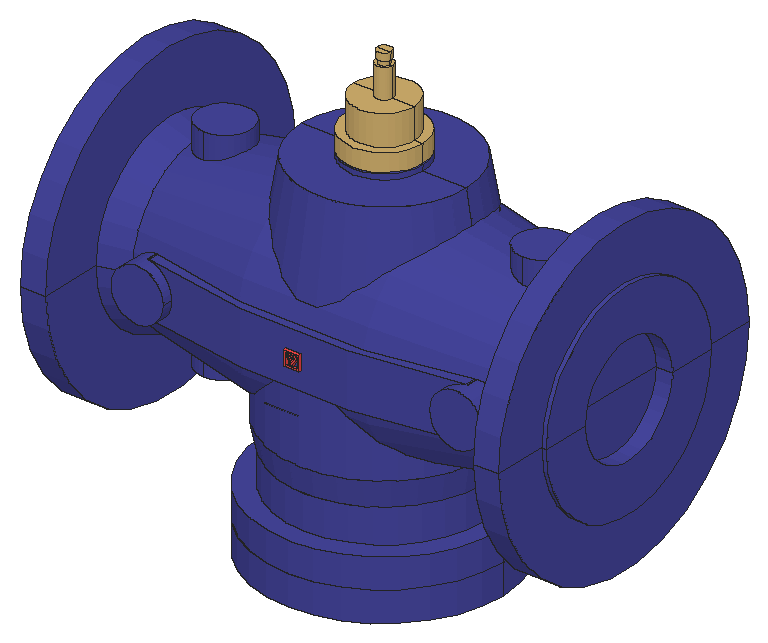
Revit family "Two port control valves 4035_PN25", category Rohrzubehör, Revit 2020
Family settings
  Bemaßung runder Anschluss = Durchmesser verwenden
  Teiletyp = Unterbricht
  OmniClass-Nummer = 23.65.55.14
  OmniClass-Titel = Valves for Liquid Services
  Arbeitsebenenbasiert = Nein
  Immer vertikal = Ja
  Beim Laden mit Abzugskörper schneiden = Nein
  Gemeinsam genutzt = Nein
Parameters (values of type "kvs63")
  kvs63 = yes
  kvs6.3 = no
  kvs40 = no
  kvs4 = no
  kvs330 = no
  kvs250 = no
  kvs25 = no
  kvs2.5 = no
  kvs160 = no
  kvs16 = no
  kvs100 = no
  kvs10 = no
  kvs1.6 = no
  kvs1 = no
  Weight [instance] = size_lookup("4035_PN25", "Gewicht", 25, Nennweite)  # 25
  Vorgabe-Ansicht = 0 mm
  Valve seat material = "WN1.4021"  # constant formula
  Valve cone material (up to DN50) = "WN1.4021"  # constant formula
  Valve cone material (from DN65 to DN150) = "EN-GJL-250/WN1.4021"  # constant formula
  Valve curve characteristic = "equal percentage"  # constant formula
  URL = "www.herzvalves.com"
  Stem material = "WN1.4404"  # constant formula
  SCTWSEQ = "FW;SBT_TYP_FW=\"101\";2"
  SCTWCODE = "04;05;02"  # constant formula
  SCRNSEQ = "ARM;ARM_TYP=\"DURR\";2"
  SCRNCODE = "05;06;02"  # constant formula
  R14 = 4 mm  # constant formula
  R13 = 3 mm  # constant formula
  R12 = 5 mm  # constant formula
  R11 [instance] = size_lookup("4035_PN25", "R11", 18 mm, Nennweite)  # 18 mm
  R10 [instance] = size_lookup("4035_PN25", "R10", 23 mm, Nennweite)  # 23 mm
  R09 [instance] = size_lookup("4035_PN25", "R9", 49 mm, Nennweite)  # 49 mm
  R08 [instance] = R00 + 3 mm  # 68 mm
  R07 [instance] = size_lookup("4035_PN25", "R7", 15.5 mm, Nennweite)  # 15.5 mm
  R06 [instance] = size_lookup("4035_PN25", "R6", 15.5 mm, Nennweite)  # 15.5 mm
  R05 [instance] = size_lookup("4035_PN25", "R5", 62.5 mm, Nennweite)  # 62.5 mm
  R04 [instance] = size_lookup("4035_PN25", "R4", 59.5 mm, Nennweite)  # 59.5 mm
  R03 [instance] = size_lookup("4035_PN25", "R3", 43 mm, Nennweite)  # 71 mm
  R02 [instance] = size_lookup("4035_PN25", "R2", 43 mm, Nennweite)  # 43 mm
  R01 [instance] = size_lookup("4035_PN25", "R1", 55.5 mm, Nennweite)  # 55.5 mm
  R00 [instance] = size_lookup("4035_PN25", "R", 65 mm, Nennweite)  # 65 mm
  Part number [instance] = if(and(kvs1, Nennweite = 15 mm), 403540, if(and(kvs1.6, Nennweite = 15 mm), 403551, if(and(kvs2.5, Nennweite = 15 mm), 403561, if(and(kvs4, Nennweite = 15 mm), 403571, if(and(kvs6.3, Nennweite = 25 mm), 403543, if(and(kvs10, Nennweite = 25 mm), 403553, if(and(kvs16, Nennweite = 32 mm), 403544, if(and(kvs25, Nennweite = 40 mm), 403545, if(and(kvs40, Nennweite = 50 mm), 403556, if(and(kvs63, Nennweite = 65 mm), 403547, if(and(kvs100, Nennweite = 80 mm), 403548, if(and(kvs160, Nennweite = 100 mm), 403549, if(and(kvs250, Nennweite = 125 mm), 403550, if(and(kvs330, Nennweite = 150 mm), 403542, 0))))))))))))))  # 403547
  PN = 25  # constant formula
  Nennweite [instance] = 65 mm
  min. Operating temperature = 5 °C  # constant formula
  max. Operating temperature = 150 °C  # constant formula
  max. Operating pressure = 2500000.0 Pa  # constant formula
  Medium = "water purity in accordance with the ÖNORM H 5195 and VDI 2035 standards"
  LO1 [instance] = size_lookup("4035_PN25", "LO1", 28.5 mm, Nennweite)  # 68 mm
  L07 [instance] = L06 - R06  # 94.5 mm
  L06 [instance] = size_lookup("4035_PN25", "L6", 110 mm, Nennweite)  # 110 mm
  L05 [instance] = D00  # 92.5 mm
  L03 = 10 mm  # constant formula
  L02 [instance] = size_lookup("4035_PN25", "L2", 15 mm, Nennweite)  # 15 mm
  L01 = 3 mm  # constant formula
  L00 [instance] = size_lookup("4035_PN25", "L", 145 mm, Nennweite)  # 145 mm
  Hersteller = "Herz-Armaturen GmbH"  # constant formula
  H18 [instance] = 17.5 mm  # constant formula
  H15 = 4 mm  # constant formula
  H14 [instance] = size_lookup("4035_PN25", "H14", 17 mm, Nennweite)  # 17 mm
  H13 [instance] = size_lookup("4035_PN25", "H13", 18 mm, Nennweite)  # 18 mm
  H12 [instance] = size_lookup("4035_PN25", "H12", 10.5 mm, Nennweite)  # 10.5 mm
  H11 [instance] = size_lookup("4035_PN25", "H11", 52.5 mm, Nennweite)  # 52.5 mm
  H10 [instance] = size_lookup("4035_PN25", "H10", 135.4 mm, Nennweite)  # 135.4 mm
  H09 = 3 mm  # constant formula
  H08 [instance] = size_lookup("4035_PN25", "H8", 79 mm, Nennweite)  # 79 mm
  H07 [instance] = R00  # 65 mm
  H06 [instance] = size_lookup("4035_PN25", "H6", 59 mm, Nennweite)  # 59 mm
  H05 [instance] = size_lookup("4035_PN25", "H5", 20 mm, Nennweite)  # 20 mm
  H04 [instance] = size_lookup("4035_PN25", "H4", 17 mm, Nennweite)  # 17 mm
  H02 [instance] = size_lookup("4035_PN25", "H2", 38 mm, Nennweite)  # 38 mm
  H03 [instance] = size_lookup("4035_PN25", "H3", 112 mm, Nennweite)  # 112 mm
  H01 [instance] = size_lookup("4035_PN25", "H1", 14 mm, Nennweite)  # 18 mm
  Valve body material = "EN-GJS-400-18-LT (EN 1563)"  # constant formula
  Sealing element material = "70EPDM"  # constant formula
  DN80 [instance] = Nennweite = 80 mm  # no
  DN65 [instance] = Nennweite = 65 mm  # yes
  DN50 [instance] = Nennweite = 50 mm  # no
  DN40 [instance] = Nennweite = 40 mm  # no
  DN32 [instance] = Nennweite = 32 mm  # no
  DN25 [instance] = Nennweite = 25 mm  # no
  DN150 [instance] = Nennweite = 150 mm  # no
  DN15 [instance] = Nennweite = 15 mm  # no
  DN125 [instance] = Nennweite = 125 mm  # no
  DN100 [instance] = Nennweite = 100 mm  # no
  D02 [instance] = Nennweite / 2  # 32.5 mm
  D01 [instance] = size_lookup("4035_PN25", "D1", 61 mm, Nennweite)  # 61 mm
  D00 [instance] = size_lookup("4035_PN25", "D", 92.5 mm, Nennweite)  # 92.5 mm
  Description = "the two port flanged valve is primarily designed to control the flow of circulation water in district heating and HVAC systems, as well as for remote closing of heating pipelines.\r\ncirculation medium should be cold, warm and hot water in temperature range from 5°C to 150°C.\r\nthe valve can be utilized in almost all heating, ventilation and air-conditioning systems and in industrial and technological processes.\r\nthe valve curve is equal percentage.\r\nregulation ratio (ratio between nominal and minimal flow coefficient) is 30:1.\r\nthe selection of the two port flanged valve is according to the diagram of kvs values.\r\n\r\nfor PN25, DN15-65 and DN125-150: valve is closed when the stem is out. valve is open when the stem is depressed.\r\nfor PN25, DN80-100: valve is open when the stem is out. valve is closed when the stem is depressed."
  Type of connection = "EN 1092-2"  # constant formula
Types (15, lengths in mm): name | kvs63 | kvs6.3 | kvs40 | kvs4 | kvs330 | kvs250 | kvs25 | kvs2.5 | kvs160 | kvs16 | kvs100 | kvs10 | kvs1.6 | kvs1 | Weight | R11 | R10 | R09 | R08 | R07 | R06 | R05 | R04 | R03 | R02 | R01 | R00 | Part number | Nennweite | LO1 | L07 | L06 | L05 | L02 | L00 | H14 | H13 | H12 | H11 | H10 | H08 | H07 | H06 | H05 | H04 | H02 | H03 | H01 | DN80 | DN65 | DN50 | DN40 | DN32 | DN25 | DN150 | DN15 | DN125 | DN100 | D02 | D01 | D00
  (no name) | yes | no | no | no | no | no | no | no | no | no | no | no | no | no | 25 | 18 | 23 | 49 | 68 | 15.5 | 15.5 | 62.5 | 59.5 | 71 | 43 | 55.5 | 65 | 403547 | 65 | 68 | 94.5 | 110 | 92.5 | 15 | 145 | 17 | 18 | 10.5 | 52.5 | 135.4 | 79 | 65 | 59 | 20 | 17 | 38 | 112 | 18 | no | yes | no | no | no | no | no | no | no | no | 32.5 | 61 | 92.5
  kvs1 | no | no | no | no | no | no | no | no | no | no | no | no | no | yes | 5 | 10 | 15 | 19.5 | 29.5 | 6 | 6 | 24 | 21 | 32.5 | 14 | 17 | 26.5 | 403540 | 15 | 27.5 | 34 | 40 | 47.5 | 11 | 65 | 13 | 14 | 6.8 | 40.8 | 80.3 | 36.5 | 26.5 | 24.5 | 5 | 13 | 11 | 49 | 14 | no | no | no | no | no | no | no | yes | no | no | 7.5 | 22.5 | 47.5
  kvs1.6 | no | no | no | no | no | no | no | no | no | no | no | no | yes | no | 5 | 10 | 15 | 19.5 | 29.5 | 6 | 6 | 24 | 21 | 32.5 | 14 | 17 | 26.5 | 403551 | 15 | 27.5 | 34 | 40 | 47.5 | 11 | 65 | 13 | 14 | 6.8 | 40.8 | 80.3 | 36.5 | 26.5 | 24.5 | 5 | 13 | 11 | 49 | 14 | no | no | no | no | no | no | no | yes | no | no | 7.5 | 22.5 | 47.5
  kvs2.5 | no | no | no | no | no | no | no | yes | no | no | no | no | no | no | 5 | 10 | 15 | 19.5 | 29.5 | 6 | 6 | 24 | 21 | 32.5 | 14 | 17 | 26.5 | 403561 | 15 | 27.5 | 34 | 40 | 47.5 | 11 | 65 | 13 | 14 | 6.8 | 40.8 | 80.3 | 36.5 | 26.5 | 24.5 | 5 | 13 | 11 | 49 | 14 | no | no | no | no | no | no | no | yes | no | no | 7.5 | 22.5 | 47.5
  kvs4 | no | no | no | yes | no | no | no | no | no | no | no | no | no | no | 5 | 10 | 15 | 19.5 | 29.5 | 6 | 6 | 24 | 21 | 32.5 | 14 | 17 | 26.5 | 403571 | 15 | 27.5 | 34 | 40 | 47.5 | 11 | 65 | 13 | 14 | 6.8 | 40.8 | 80.3 | 36.5 | 26.5 | 24.5 | 5 | 13 | 11 | 49 | 14 | no | no | no | no | no | no | no | yes | no | no | 7.5 | 22.5 | 47.5
  kvs6.3 | no | yes | no | no | no | no | no | no | no | no | no | no | no | no | 8 | 10 | 15 | 19.5 | 41 | 7 | 7 | 35.5 | 32.5 | 44 | 19.5 | 28.5 | 38 | 403543 | 25 | 40 | 45 | 52 | 57.5 | 13 | 80 | 13 | 14 | 6.8 | 40.8 | 88.3 | 44.5 | 38 | 35 | 5 | 15 | 3 | 64 | 16 | no | no | no | no | no | yes | no | no | no | no | 12.5 | 34 | 57.5
  kvs10 | no | no | no | no | no | no | no | no | no | no | no | yes | no | no | 8 | 10 | 15 | 19.5 | 41 | 7 | 7 | 35.5 | 32.5 | 44 | 19.5 | 28.5 | 38 | 403553 | 25 | 40 | 45 | 52 | 57.5 | 13 | 80 | 13 | 14 | 6.8 | 40.8 | 88.3 | 44.5 | 38 | 35 | 5 | 15 | 3 | 64 | 16 | no | no | no | no | no | yes | no | no | no | no | 12.5 | 34 | 57.5
  kvs16 | no | no | no | no | no | no | no | no | no | yes | no | no | no | no | 11.5 | 10 | 15 | 20.5 | 46 | 9 | 9 | 40.5 | 37.5 | 49 | 24.5 | 33.5 | 43 | 403544 | 32 | 45 | 51 | 60 | 70 | 13 | 90 | 17 | 18 | 10.5 | 52.5 | 102 | 46.5 | 43 | 39 | 15 | 15 | 4 | 84 | 16 | no | no | no | no | yes | no | no | no | no | no | 16 | 39 | 70
  kvs25 | no | no | no | no | no | no | yes | no | no | no | no | no | no | no | 13 | 10 | 15 | 20.5 | 51 | 12 | 12 | 45.5 | 42.5 | 54 | 29 | 38.5 | 48 | 403545 | 40 | 50 | 56 | 68 | 75 | 13 | 100 | 17 | 18 | 10.5 | 52.5 | 112 | 56.5 | 48 | 43 | 20 | 15 | 1 | 94 | 16 | no | no | no | yes | no | no | no | no | no | no | 20 | 44 | 75
  kvs63 | yes | no | no | no | no | no | no | no | no | no | no | no | no | no | 25 | 18 | 23 | 49 | 68 | 15.5 | 15.5 | 62.5 | 59.5 | 71 | 43 | 55.5 | 65 | 403547 | 65 | 68 | 94.5 | 110 | 92.5 | 15 | 145 | 17 | 18 | 10.5 | 52.5 | 135.4 | 79 | 65 | 59 | 20 | 17 | 38 | 112 | 18 | no | yes | no | no | no | no | no | no | no | no | 32.5 | 61 | 92.5
  kvs100 | no | no | no | no | no | no | no | no | no | no | yes | no | no | no | 31 | 18 | 23 | 49 | 76 | 15.5 | 15.5 | 70.5 | 67.5 | 79 | 51 | 63.5 | 73 | 403548 | 80 | 77 | 99.5 | 115 | 100 | 17 | 155 | 17 | 18 | 10.5 | 52.5 | 168.5 | 113 | 73 | 65 | 20 | 19 | 46 | 125 | 20 | yes | no | no | no | no | no | no | no | no | no | 40 | 69 | 100
  kvs160 | no | no | no | no | no | no | no | no | yes | no | no | no | no | no | 46 | 30 | 35 | 61 | 86 | 20.5 | 20.5 | 80.5 | 77.5 | 89 | 61 | 73.5 | 83 | 403549 | 100 | 88 | 112.5 | 133 | 110 | 17 | 175 | 21 | 22 | 14.2 | 64.2 | 189.7 | 122.5 | 83 | 73 | 25 | 19 | 65 | 135 | 20 | no | no | no | no | no | no | no | no | no | yes | 50 | 79 | 110
  kvs250 | no | no | no | no | no | yes | no | no | no | no | no | no | no | no | 72 | 30 | 35 | 61 | 101 | 20.5 | 20.5 | 95.5 | 92.5 | 104 | 76 | 88.5 | 98 | 403550 | 125 | 103 | 134.5 | 155 | 125 | 19 | 200 | 21 | 22 | 14.2 | 64.2 | 231 | 163.5 | 98 | 80 | 30 | 21 | 44 | 158 | 21 | no | no | no | no | no | no | no | no | yes | no | 62.5 | 94 | 125
  kvs330 | no | no | no | no | yes | no | no | no | no | no | no | no | no | no | 91 | 30 | 35 | 61 | 113 | 20.5 | 20.5 | 107.5 | 104.5 | 116 | 88 | 100.5 | 110 | 403542 | 150 | 115 | 174.5 | 195 | 142.5 | 19 | 240 | 21 | 22 | 14.2 | 64.2 | 237.5 | 170 | 110 | 85 | 25 | 21 | 42 | 153 | 21 | no | no | no | no | no | no | yes | no | no | no | 75 | 106 | 142.5
  kvs40 | no | no | yes | no | no | no | no | no | no | no | no | no | no | no | 16 | 18 | 23 | 49 | 56 | 13.5 | 13.5 | 52.5 | 49.5 | 61 | 34 | 45.5 | 53 | 403556 | 50 | 56 | 66.5 | 80 | 82.5 | 15 | 115 | 17 | 18 | 10.5 | 52.5 | 122 | 66.5 | 53 | 43 | 1 | 15 | 42 | 67 | 18 | no | no | yes | no | no | no | no | no | no | no | 25 | 51 | 82.5
Reference planes
  plane 1 "Mitte (Vorne/hinten)": y = 0
  plane 2: z = 0
  plane 3 "Mitte (Links/rechts)": x = 0
Forms (mm)
  Revolve 1, solid, material "kunststoff-BLAU", detail levels fine
    sketch origin (1065, 0, 0) x (1, 0, 0) y (0, 1, 0)
      loop
        line (-1207, 61) -> (-1210, 61) -> (-1210, 32.5) -> (-1200, 32.5) -> (-1200, 0) -> (-930, 0) -> (-930, 32.5) -> (-920, 32.5) -> (-920, 61) -> (-923, 61) -> (-923, 92.5) -> (-938, 92.5) -> (-938, 55.5) -> (-955, 49.943)
        arc (-955, 49.943) -> (-1065, 65) -> (-1175, 49.943) r 409.331
        line (-1175, 49.943) -> (-1192, 55.5) -> (-1192, 92.5) -> (-1207, 92.5) -> (-1207, 61)
      axis (-920, 0) -> (-1210, 0)
    angle from 0 to 360
  Extrusion 2, solid, material "kunststoff-BLAU", detail levels fine
    sketch origin (0, 0, 0) x (-1, 0, 0) y (0, 0, -1)
      loop
        circle (94.5, 0) r 15.5
      loop
        circle (-94.5, 0) r 15.5
    from -65 to 65
  Extrusion 3, solid, material "kunststoff-BLAU", visible <- "DN65", detail levels fine
    sketch origin (0, 0, 0) x (1, 0, 0) y (0, 1, 0)
      loop
        arc (-95, -56.907) -> (0, -68) -> (95, -56.907) r 412.331
        line (95, -56.907) -> (95, 56.907)
        arc (95, 56.907) -> (0, 68) -> (-95, 56.907) r 412.331
        line (-95, 56.907) -> (-95, -56.907)
    from -15.5 to 15.5
  Revolve 4, solid, material "kunststoff-BLAU", detail levels fine
    sketch origin (0, 0, 0) x (1, 0, 0) y (0, 0, 1)
      loop
        line (-49, 79) -> (-62.5, 0) -> (0, 0) -> (0, 82) -> (-23, 82) -> (-23, 79) -> (-49, 79)
      axis (0, 82) -> (0, 0)
    angle from 0 to 360
  Revolve 5, solid, material "kunststoff-BLAU", detail levels fine
    sketch origin (0, 0, 0) x (1, 0, 0) y (0, 0, 1)
      loop
        line (0, 0) -> (-62.5, 0) -> (-62.5, -59) -> (-59.5, -74.5) -> (-59.5, -94.5) -> (-71, -94.5) -> (-71, -112) -> (0, -112) -> (0, 0)
      axis (0, 0) -> (0, -112)
    angle from 0 to 360
  Revolve 6, solid, material "kunststoff-BLAU", detail levels fine
    sketch origin (0, 0, 0) x (1, 0, 0) y (0, 0, 1)
      loop
        line (0, -112) -> (-71, -112) -> (-71, -130) -> (0, -130) -> (0, -112)
      axis (0, -112) -> (0, -130)
    angle from 0 to 360
  Extrusion 7, solid, material "kunststoff-BLAU", detail levels fine
    sketch origin (0, 0, 0) x (0, -1, 0) y (1, 0, 0)
      loop
        circle (0, -94.5) r 15.5
      loop
        circle (0, 94.5) r 15.5
    from -65 to 65
  Extrusion 8, solid, material "kunststoff-BLAU", visible <- "DN150", detail levels fine
    sketch origin (0, 0, 0) x (1, 0, 0) y (0, 1, 0)
      loop
        arc (-179.5, -78.475) -> (0, -115) -> (179.5, -78.475) r 459.331
        line (179.5, -78.475) -> (179.5, 78.475)
        arc (179.5, 78.475) -> (0, 115) -> (-179.5, 78.475) r 459.331
        line (-179.5, 78.475) -> (-179.5, -78.475)
    from -20.5 to 20.5
  Extrusion 9, solid, material "kunststoff-BLAU", visible <- "DN125", detail levels fine
    sketch origin (0, 0, 0) x (1, 0, 0) y (0, 1, 0)
      loop
        arc (-134.5, -82.301) -> (0, -103) -> (134.5, -82.301) r 447.331
        line (134.5, -82.301) -> (134.5, 82.301)
        arc (134.5, 82.301) -> (0, 103) -> (-134.5, 82.301) r 447.331
        line (-134.5, 82.301) -> (-134.5, -82.301)
    from -20.5 to 20.5
  Extrusion 10, solid, material "kunststoff-BLAU", visible <- "DN100", detail levels fine
    sketch origin (0, 0, 0) x (1, 0, 0) y (0, 1, 0)
      loop
        arc (-112.5, -73.106) -> (0, -88) -> (112.5, -73.106) r 432.331
        line (112.5, -73.106) -> (112.5, 73.106)
        arc (112.5, 73.106) -> (0, 88) -> (-112.5, 73.106) r 432.331
        line (-112.5, 73.106) -> (-112.5, -73.106)
    from -20.5 to 20.5
  Extrusion 11, solid, material "kunststoff-BLAU", visible <- "DN80", detail levels fine
    sketch origin (0, 0, 0) x (1, 0, 0) y (0, 1, 0)
      loop
        line (99.5, -65.083) -> (99.5, 65.083)
        arc (99.5, 65.083) -> (0, 77) -> (-99.5, 65.083) r 421.331
        line (-99.5, 65.083) -> (-99.5, -65.083)
        arc (-99.5, -65.083) -> (0, -77) -> (99.5, -65.083) r 421.331
    from -15.5 to 15.5
  Extrusion 12, solid, material "kunststoff-BLAU", visible <- "DN50", detail levels fine
    sketch origin (0, 0, 0) x (1, 0, 0) y (0, 1, 0)
      loop
        arc (-66.5, -50.44) -> (0, -56.006) -> (66.5, -50.44) r 400.05
        line (66.5, -50.44) -> (66.5, 50.44)
        arc (66.5, 50.44) -> (0, 56.006) -> (-66.5, 50.44) r 400.05
        line (-66.5, 50.44) -> (-66.5, -50.44)
    from -13.5 to 13.5
  Extrusion 13, solid, material "kunststoff-BLAU", visible <- "DN40", detail levels fine
    sketch origin (0, 0, 0) x (1, 0, 0) y (0, 1, 0)
      loop
        arc (-56, -46.003) -> (0, -50) -> (56, -46.003) r 394.331
        line (56, -46.003) -> (56, 46.003)
        arc (56, 46.003) -> (0, 50) -> (-56, 46.003) r 394.331
        line (-56, 46.003) -> (-56, -46.003)
    from -12 to 12
  Extrusion 14, solid, material "kunststoff-BLAU", visible <- "DN32", detail levels fine
    sketch origin (0, 0, 0) x (1, 0, 0) y (0, 1, 0)
      loop
        arc (-51, -41.645) -> (0, -45) -> (51, -41.645) r 389.331
        line (51, -41.645) -> (51, 41.645)
        arc (51, 41.645) -> (0, 45) -> (-51, 41.645) r 389.331
        line (-51, 41.645) -> (-51, -41.645)
    from -9 to 9
  Extrusion 15, solid, material "kunststoff-BLAU", visible <- "DN25", detail levels fine
    sketch origin (0, 0, 0) x (1, 0, 0) y (0, 1, 0)
      loop
        line (45, -37.356) -> (45, 37.356)
        arc (45, 37.356) -> (0, 40) -> (-45, 37.356) r 384.331
        line (-45, 37.356) -> (-45, -37.356)
        arc (-45, -37.356) -> (0, -40) -> (45, -37.356) r 384.331
    from -7 to 7
  Extrusion 16, solid, material "kunststoff-BLAU", visible <- "DN15", detail levels fine
    sketch origin (0, 0, 0) x (1, 0, 0) y (0, 1, 0)
      loop
        line (-34, 25.942) -> (-34, -25.942)
        arc (-34, -25.942) -> (0, -27.5) -> (34, -25.942) r 371.831
        line (34, -25.942) -> (34, 25.942)
        arc (34, 25.942) -> (0, 27.5) -> (-34, 25.942) r 371.831
    from -6 to 6
  Revolve 17, solid, material "Messing-poliert", detail levels fine
    sketch origin (0, 0, 0) x (1, 0, 0) y (0, 0, 1)
      loop
        line (-23, 93.4) -> (-23, 82.9) -> (0, 82.9) -> (0, 135.4) -> (-4, 135.4) -> (-4, 131.4) -> (-3, 131.4) -> (-3, 128.4) -> (-5, 128.4) -> (-5, 111.4) -> (-18, 111.4) -> (-18, 93.4) -> (-23, 93.4)
      axis (0, 135.4) -> (0, 82.9)
    angle from 0 to 360
Lines and regions (mm)
  model lines, detail levels coarse+medium
    curve 1: line (145, 92.5, 0) -> (145, -92.5, 0)
    curve 2: line (145, -92.5, 0) -> (-145, 92.5, 0)
    curve 3: line (-145, 92.5, 0) -> (-145, -92.5, 0)
    curve 4: line (-145, -92.5, 0) -> (145, 92.5, 0)
    curve 5: line (145, 0, 92.5) -> (145, 0, -92.5)
    curve 6: line (145, 0, -92.5) -> (-145, 0, 92.5)
    curve 7: line (-145, 0, 92.5) -> (-145, 0, -92.5)
    curve 8: line (-145, 0, -92.5) -> (145, 0, 92.5)
Dimensions and locks
  "L00": Revolve 1 sketch curve to plane 3 "Mitte (Links/rechts)" to Revolve 1 sketch curve
  "D00": plane 1 "Mitte (Vorne/hinten)" to Revolve 1 sketch curve  (x2)
  "D02": plane 1 "Mitte (Vorne/hinten)" to Revolve 1 sketch curve  (x2)
  "L01": Revolve 1 sketch curve to Revolve 1 sketch curve  (x2)
  "L02": Revolve 1 sketch curve to Revolve 1 sketch curve  (x2)
  "D01": plane 1 "Mitte (Vorne/hinten)" to Revolve 1 sketch curve  (x2)
  "R01": plane 1 "Mitte (Vorne/hinten)" to Revolve 1 sketch curve  (x2)
  "R00": Revolve 1 sketch curve to Revolve 1 sketch curve
  "L03": Revolve 1 sketch curve to Revolve 1 sketch curve  (x2)
  "H01": Revolve 6 sketch curve to Revolve 6 sketch curve
  "R03": plane 3 "Mitte (Links/rechts)" to Revolve 6 sketch curve
  "R03": Revolve 5 sketch curve to Revolve 5 sketch curve
  "H03": plane 2 to Revolve 5 sketch curve
  "H06": Revolve 5 sketch curve to Revolve 5 sketch curve
  "R04": Revolve 5 sketch curve to Revolve 5 sketch curve
  "R05": Revolve 5 sketch curve to Revolve 5 sketch curve
  "H05": Revolve 5 sketch curve to Revolve 5 sketch curve
  "L06": Revolve 1 sketch curve to plane 3 "Mitte (Links/rechts)" to Revolve 1 sketch curve
  "H03": plane 2 to Revolve 6 sketch curve
  "R09": Revolve 4 sketch curve to Revolve 4 sketch curve
  "R05": Revolve 4 sketch curve to Revolve 4 sketch curve
  "H07": Extrusion 7 to plane 2 to Extrusion 7  (x2)
  "L07": plane 3 "Mitte (Links/rechts)" to Extrusion 7 sketch curve
  "L07": Extrusion 7 sketch curve to plane 3 "Mitte (Links/rechts)"
  "H07": Extrusion 2 to plane 1 "Mitte (Vorne/hinten)"  (x3)
  "L07": plane 3 "Mitte (Links/rechts)" to Extrusion 2 sketch curve
  "L07": Extrusion 2 sketch curve to plane 3 "Mitte (Links/rechts)"
  "H07": plane 1 "Mitte (Vorne/hinten)" to Extrusion 2
  "H08": Revolve 4 sketch curve to plane 2
  "H09": Revolve 4 sketch curve to Revolve 4 sketch curve
  "R10": plane 3 "Mitte (Links/rechts)" to Revolve 4 sketch curve
  "H11": Revolve 17 sketch curve to Revolve 17 sketch curve
  "H10": Revolve 17 sketch curve to plane 2
  "R10": plane 3 "Mitte (Links/rechts)" to Revolve 17 sketch curve
  "H12": Revolve 17 sketch curve to Revolve 17 sketch curve
  "H13": Revolve 17 sketch curve to Revolve 17 sketch curve
  "H14": Revolve 17 sketch curve to Revolve 17 sketch curve
  "H15": Revolve 17 sketch curve to Revolve 17 sketch curve
  "R14": plane 3 "Mitte (Links/rechts)" to Revolve 17 sketch curve
  "R13": plane 3 "Mitte (Links/rechts)" to Revolve 17 sketch curve
  "R11": plane 3 "Mitte (Links/rechts)" to Revolve 17 sketch curve
  "R12": plane 3 "Mitte (Links/rechts)" to Revolve 17 sketch curve
  "LO1": nested 1 to plane 1 "Mitte (Vorne/hinten)"
  "H18": Revolve 5 sketch curve to Revolve 6
  "L00": curve 3 to plane 3 "Mitte (Links/rechts)" to curve 1
  "D00": curve 4 to plane 1 "Mitte (Vorne/hinten)" to curve 3
  "D00": curve 2 to plane 1 "Mitte (Vorne/hinten)" to curve 4
  "L00": curve 7 to plane 3 "Mitte (Links/rechts)" to curve 5
  "D00": curve 8 to plane 2 to curve 6
  "D00": curve 7 to plane 2 to curve 8
  "R06": radius of Extrusion 7 sketch curve  (x2)
  "R07": radius of Extrusion 2 sketch curve  (x2)
  aligned and locked: level to plane 2
Automatic sketch dimensions
  Extrusion 3 sketch curve to plane 1 "Mitte (Vorne/hinten)" = 56.907 mm  (x2)
  Extrusion 3 sketch curve to plane 3 "Mitte (Links/rechts)" = 0 mm  (x2)
  Extrusion 3 sketch curve to Extrusion 3 sketch curve = 113.814 mm
  Extrusion 3 sketch curve to Extrusion 3 sketch curve = 287.425 mm
  Extrusion 3 sketch curve to plane 1 "Mitte (Vorne/hinten)" = 344.331 mm
  plane 3 "Mitte (Links/rechts)" to Extrusion 3 sketch curve = 95 mm
  Extrusion 8 sketch curve to plane 3 "Mitte (Links/rechts)" = 0 mm  (x2)
  Extrusion 8 sketch curve to plane 1 "Mitte (Vorne/hinten)" = 78.475 mm  (x2)
  plane 1 "Mitte (Vorne/hinten)" to Extrusion 8 sketch curve = 78.475 mm
  Extrusion 8 sketch curve to plane 3 "Mitte (Links/rechts)" = 179.5 mm
  Extrusion 8 sketch curve to Extrusion 8 sketch curve = 265.857 mm
  Extrusion 8 sketch curve to plane 1 "Mitte (Vorne/hinten)" = 344.331 mm
  plane 3 "Mitte (Links/rechts)" to Extrusion 9 sketch curve = 134.5 mm
  plane 1 "Mitte (Vorne/hinten)" to Extrusion 9 sketch curve = 82.301 mm  (x2)
  Extrusion 9 sketch curve to plane 3 "Mitte (Links/rechts)" = 0 mm  (x2)
  Extrusion 9 sketch curve to Extrusion 9 sketch curve = 262.031 mm  (x2)
  Extrusion 9 sketch curve to plane 1 "Mitte (Vorne/hinten)" = 82.301 mm
  Extrusion 10 sketch curve to plane 3 "Mitte (Links/rechts)" = 0 mm  (x2)
  plane 1 "Mitte (Vorne/hinten)" to Extrusion 10 sketch curve = 73.106 mm
  Extrusion 10 sketch curve to plane 3 "Mitte (Links/rechts)" = 112.5 mm
  Extrusion 10 sketch curve to Extrusion 10 sketch curve = 271.225 mm
  Extrusion 10 sketch curve to plane 1 "Mitte (Vorne/hinten)" = 344.331 mm
  Extrusion 10 sketch curve to plane 1 "Mitte (Vorne/hinten)" = 73.106 mm  (x2)
  Extrusion 11 sketch curve to plane 3 "Mitte (Links/rechts)" = 0 mm  (x2)
  plane 1 "Mitte (Vorne/hinten)" to Extrusion 11 sketch curve = 65.083 mm  (x2)
  Extrusion 11 sketch curve to plane 3 "Mitte (Links/rechts)" = 99.5 mm
  Extrusion 11 sketch curve to Extrusion 11 sketch curve = 279.249 mm
  Extrusion 11 sketch curve to plane 1 "Mitte (Vorne/hinten)" = 344.331 mm
  Extrusion 11 sketch curve to plane 1 "Mitte (Vorne/hinten)" = 65.083 mm
  Extrusion 12 sketch curve to plane 3 "Mitte (Links/rechts)" = 0 mm  (x2)
  Extrusion 12 sketch curve to plane 3 "Mitte (Links/rechts)" = 66.5 mm
  plane 3 "Mitte (Links/rechts)" to Extrusion 12 sketch curve = 66.5 mm
  plane 1 "Mitte (Vorne/hinten)" to Extrusion 12 sketch curve = 344.044 mm
  plane 1 "Mitte (Vorne/hinten)" to Extrusion 12 sketch curve = 50.44 mm
  Extrusion 12 sketch curve to plane 1 "Mitte (Vorne/hinten)" = 50.44 mm
  Extrusion 12 sketch curve to Extrusion 12 sketch curve = 293.604 mm
  Extrusion 13 sketch curve to plane 3 "Mitte (Links/rechts)" = 0 mm  (x2)
  Extrusion 13 sketch curve to plane 3 "Mitte (Links/rechts)" = 56 mm
  plane 3 "Mitte (Links/rechts)" to Extrusion 13 sketch curve = 56 mm
  plane 1 "Mitte (Vorne/hinten)" to Extrusion 13 sketch curve = 344.331 mm
  plane 1 "Mitte (Vorne/hinten)" to Extrusion 13 sketch curve = 46.003 mm
  Extrusion 13 sketch curve to plane 1 "Mitte (Vorne/hinten)" = 46.003 mm
  Extrusion 13 sketch curve to Extrusion 13 sketch curve = 298.328 mm
  Extrusion 14 sketch curve to plane 3 "Mitte (Links/rechts)" = 0 mm  (x2)
  Extrusion 14 sketch curve to plane 3 "Mitte (Links/rechts)" = 51 mm
  plane 3 "Mitte (Links/rechts)" to Extrusion 14 sketch curve = 51 mm
  plane 1 "Mitte (Vorne/hinten)" to Extrusion 14 sketch curve = 344.331 mm
  plane 1 "Mitte (Vorne/hinten)" to Extrusion 14 sketch curve = 41.645 mm
  Extrusion 14 sketch curve to plane 1 "Mitte (Vorne/hinten)" = 41.645 mm
  Extrusion 14 sketch curve to Extrusion 14 sketch curve = 302.686 mm
  Extrusion 15 sketch curve to plane 3 "Mitte (Links/rechts)" = 0 mm  (x2)
  Extrusion 15 sketch curve to plane 3 "Mitte (Links/rechts)" = 45 mm
  plane 3 "Mitte (Links/rechts)" to Extrusion 15 sketch curve = 45 mm
  plane 1 "Mitte (Vorne/hinten)" to Extrusion 15 sketch curve = 344.331 mm
  plane 1 "Mitte (Vorne/hinten)" to Extrusion 15 sketch curve = 37.356 mm
  Extrusion 15 sketch curve to plane 1 "Mitte (Vorne/hinten)" = 37.356 mm
  Extrusion 15 sketch curve to Extrusion 15 sketch curve = 306.975 mm
  Extrusion 16 sketch curve to plane 3 "Mitte (Links/rechts)" = 0 mm  (x2)
  Extrusion 16 sketch curve to plane 3 "Mitte (Links/rechts)" = 34 mm
  plane 3 "Mitte (Links/rechts)" to Extrusion 16 sketch curve = 34 mm
  plane 1 "Mitte (Vorne/hinten)" to Extrusion 16 sketch curve = 344.331 mm
  plane 1 "Mitte (Vorne/hinten)" to Extrusion 16 sketch curve = 25.942 mm
  Extrusion 16 sketch curve to plane 1 "Mitte (Vorne/hinten)" = 25.942 mm
  Extrusion 16 sketch curve to Extrusion 16 sketch curve = 318.389 mm
  Revolve 1 sketch curve to plane 1 "Mitte (Vorne/hinten)" = 0 mm
  Revolve 1 sketch curve to plane 3 "Mitte (Links/rechts)" = 0 mm
  plane 1 "Mitte (Vorne/hinten)" to Revolve 1 sketch curve = 0 mm
  plane 1 "Mitte (Vorne/hinten)" to Revolve 1 sketch curve = 344.331 mm
  Revolve 1 sketch curve to Revolve 1 sketch curve = 1855 mm  (x2)
  Extrusion 2 sketch curve to level = 0 mm  (x2)
  Revolve 4 sketch curve to level = 0 mm
  Revolve 4 sketch curve to plane 3 "Mitte (Links/rechts)" = 0 mm  (x2)
  Revolve 4 sketch curve to Revolve 4 sketch curve = 366.045 mm
  Revolve 4 sketch curve to Revolve 4 sketch curve = 2132.315 mm
  Revolve 5 sketch curve to level = 0 mm
  Revolve 5 sketch curve to plane 3 "Mitte (Links/rechts)" = 0 mm  (x2)
  Revolve 5 sketch curve to Revolve 5 sketch curve = 254.045 mm
  level to Revolve 5 sketch curve = 2214.315 mm
  Revolve 6 sketch curve to plane 3 "Mitte (Links/rechts)" = 0 mm  (x2)
  Revolve 6 sketch curve to Revolve 6 sketch curve = 0 mm
  level to Revolve 6 sketch curve = 2214.315 mm
  plane 1 "Mitte (Vorne/hinten)" to Extrusion 7 sketch curve = 0 mm  (x2)
  Revolve 17 sketch curve to plane 3 "Mitte (Links/rechts)" = 0 mm  (x2)
  Revolve 17 sketch curve to level = 366.045 mm
  Revolve 17 sketch curve to Revolve 17 sketch curve = 2079.815 mm
Nested families
  nested 1: "Herz-Logo-vorne" at (-0.018, -68, 0) x (0, 1, 0) z (0, 0, 1), type "Herz-Logo-vorne", detail levels fine
Connectors
  piping at (-145, 0, 0), diameter 65, driven by "Nennweite"
    settings: on Revolve 1, index 1, connector inside diameter 609.6 mm, connector length 0 mm, flow factor 0, pipe flow 0.0 L/s, pressure drop 0.0 Pa, fitting loss kfactor 0, connector angle 0.00°, fixture units 0, engagement length 0 mm, angle of deflection 0.00°, flow configuration 0, flow direction 1, fitting loss method 0, system type 29, joint type 0, gender type 0, connector reference index -1, connector utility 0, adjustable connector no, is connector primary yes, connector description ""
  piping at (145, 0, 0), diameter 65, driven by "Nennweite"
    settings: on Revolve 1, index 2, connector inside diameter 609.6 mm, connector length 0 mm, flow factor 0, pipe flow 0.0 L/s, pressure drop 0.0 Pa, fitting loss kfactor 0, connector angle 0.00°, fixture units 0, engagement length 0 mm, angle of deflection 0.00°, flow configuration 0, flow direction 2, fitting loss method 0, system type 29, joint type 0, gender type 0, connector reference index -1, connector utility 0, adjustable connector no, is connector primary no, connector description ""
Definition of nested family "Herz-Logo-vorne"
  Parameters (values of type "Herz-Logo-vorne")
    Default Elevation = 0 mm
  Reference planes
    plane 1 "Mitte (Vorne/hinten)": y = 0
    plane 2: z = 0
    plane 3 "Mitte (Links/rechts)": x = 0
  Forms (mm)
    Extrusion 1, solid
      sketch origin (0.732, -0.018, 0.017) x (0, -1, 0) y (0, 0, 1)
        loop
          line (-0.018, -4.517) -> (4.482, -4.517) -> (4.482, 4.483) -> (-4.518, 4.483) -> (-4.518, -4.517) -> (-0.018, -4.517)
        loop
          line (-0.05, -3.48) -> (3.482, -3.48) -> (3.482, 3.483) -> (-3.518, 3.483) -> (-3.518, -3.48) -> (-0.05, -3.48)
        loop
          arc (-0.018, 2.383) -> (-1.543, 3.287) -> (-3.067, 2.383) r 1.738
          arc (-3.067, 2.383) -> (-3.191, 1.899) -> (-3.067, 1.415) r 1.009
          line (-3.067, 1.415) -> (-0.018, -3.281) -> (3.032, 1.415)
          arc (3.032, 1.415) -> (3.156, 1.899) -> (3.032, 2.383) r 1.009
          arc (3.032, 2.383) -> (1.507, 3.287) -> (-0.018, 2.383) r 1.738
        loop
          arc (1.885, 1.272) -> (2.005, 1.675) -> (1.885, 2.079) r 0.74
          arc (1.885, 2.079) -> (1.265, 2.416) -> (0.644, 2.079) r 0.74
          line (0.644, 2.079) -> (-0.018, 0.97) -> (-0.679, 2.079)
          arc (-0.679, 2.079) -> (-1.3, 2.416) -> (-1.921, 2.079) r 0.74
          arc (-1.921, 2.079) -> (-2.04, 1.675) -> (-1.921, 1.272) r 0.74
          line (-1.921, 1.272) -> (-0.018, -1.658) -> (1.885, 1.272)
      from 0 to 1.5
  Dimensions and locks
    aligned and locked: level to plane 2
